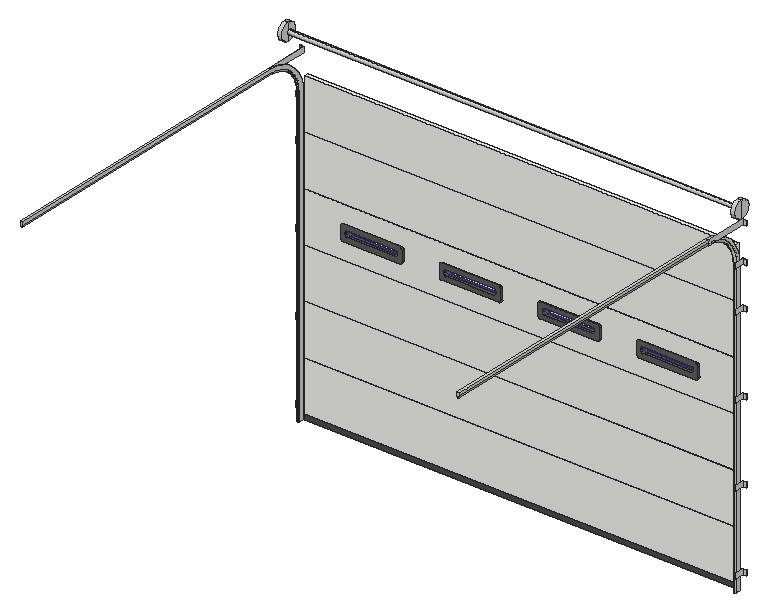
Revit family "Overhead-Sect_HAAS_Res_600", category Doors, host Wall, Revit 2026
Family settings
  Host = Wall
  Classification Number = 23.30.10.17.37.14
  Always vertical = Yes
  Cut with Voids When Loaded = No
  Shared = No
  Room Calculation Point = No
Parameters
  rearspring = no
  Warranty Duration (Years) = 0
  Viewport Frame Finish [instance] = Finish - Trim - HAAS - Black
  Unit Width [instance] = if(Wood Jamb, Opening Width, Opening Width + 0' 2")  # 14' - 0"
  Wood Jamb [instance] = yes
  URL = "http://www.haasdoor.com/about/index.html"
  U Value = 0
  Type Comments = ""
  Track_High Lift_CHECK WITH HAAS FOR VALUE [instance] = 0' - 7"
  Track [instance] = Steel
  Thickness = 0' - 0"  # constant formula
  Test Data = ""
  Steel Jamb [instance] = not(Wood Jamb)  # no
  Standards Conformance = "as Specified"
  Specification = ""
  SpecWizard = ""
  Send Message = ""
  Sales Information = "http://www.haasdoor.com/locator/index.php"
  Rough Width = 0' - 0"  # constant formula
  Rough Height = 0' - 0"  # constant formula
  Roof Incline Default = 0.00°
  Revision = "R1_2015-11"
  Recycled Content [instance] = "as Specified"
  R-Value = 13.45
  Product Properties = ""
  Product Data = "http://www.arcat.com/arcatcos/cos32/arc32915.html"
  Panel Width [instance] = 14' - 0"
  Panel Thickness = 0' - 1 3/8"
  Panel Material_Interior [instance] = Metal - Steel - HAAS - Polar White V-Groove
  Panel Material_Inset Panel [instance] = Metal - Steel - HAAS - Polar White
  Panel Material_Exterior [instance] = Metal - Steel - HAAS - Polar White
  Panel Height [instance] = if(1 = 1, Opening Height, 0' 0")  # 10' - 0"
  Overhead Sectional Style [instance] = Door_Overhead-Sectional-Panel_Haas_No-Inset-Panels : Design B
  Operation = "Overhead Sectional"
  Opening Width [instance] = 14' - 0"
  Opening Height [instance] = 10' - 0"
  Track Type [instance] = Tracks_Standard-Lift : Tracks_Standard-Lift
  Model = ""
  Max Width = 0' - 0"
  Max Height = 0' - 0"
  Manufacturer Website = "http://www.haasdoor.com/about/index.html"
  Manufacturer Phone - Toll Free = ""
  Manufacturer Phone = "419-337-9900"
  Manufacturer Fax = "800-874-4227"
  Manufacturer Address = "320 Sycamore Rd. Wauseon, OH 43567"
  Manufacturer = "Haas Door Co."
  Maintenance Schedule (Months) = 0
  Keynote = "08360"
  Interior Skin = "as Specified"
  Installation-Fabrication = ""
  Installation Phase = ""
  Green Building-LEED = ""
  Viewport Glazing [instance] = Glass
  Function = 1
  Height = 0' - 0"  # constant formula
  Wall Closure = (empty or 0)
  Width = 0' - 0"  # constant formula
  Fire Rating = ""
  Exterior Skin = "as Specified"
  Expected Lifespan (Years) = 0
  End Stile Type = "as Specified"
  Drawn By = "Sumex Design, Inc."
  Description = "Haas Residential Overhead Sectional Door - 600 Series"
  Cost = 0
  Copyright = "©Arcat Inc."  # constant formula
  Construction Type = ""
  Construction Details = ""
  Building Codes = ""
  Bottom Seal Color [instance] = Finish - Weather Seal - HAAS - Black
  Assembly Code = "B2030410"
  AAMA Designation = "as Specified"
  3in Track [instance] = not([2in Track])  # no
  2in Track [instance] = yes
Reference planes (in)
  plane 1 "Center (Front/Back)": y = 0
  plane 2 "Center (Left/Right)": x = 0
  plane 3 "Left": x = -84
  plane 4 "Right": x = 84
  plane 5 "Top": z = 120
  plane 6 "Exterior": y = 3
  plane 7 "Interior": y = -3
  plane 8: z = 2
  plane 9 "Back of Panel": y = -4.375
  plane 10: y = -3.6875
  plane 11 "Track": y = -4.625
Lines and regions (in)
  Opening 1
    outline origin (-90, -3, 0) x (1, 0, 0) y (0, 0, 1)
      loop
        line (6, 0) -> (174, 0) -> (174, 120) -> (6, 120) -> (6, 0)
Text (in)
  text "Exterior" at (-74.96733, 27.31104, 0), in view "Ref. Level"
  text "Interior" at (-74.96733, -25.14366, 0), in view "Ref. Level"
  text "Exterior" at (0, 40.15149, 123.01588), in view "Right"
  text "Interior" at (0, -64.39139, 123.01588), in view "Right"
  text "Interior" at (0, -31.01599, 123.00693), in view "Left"
  text "Exterior" at (0, 54.57065, 123.00693), in view "Left"
Dimensions and locks (in)
  equal spacing: plane 3 "Left", plane 2 "Center (Left/Right)", plane 4 "Right"
  "Opening Height": level to plane 5 "Top"
  "Opening Width": plane 3 "Left" to plane 4 "Right"
  plane 8 to level = 0' - 2"
  plane 3 "Left" to plane 4 "Right" = 14' - 0"
  "Panel Thickness": plane 9 "Back of Panel" to plane 7 "Interior"
  equal spacing: plane 9 "Back of Panel", plane 10, plane 7 "Interior"
  locked: plane 11 "Track" to plane 7 "Interior" at 1.625
  aligned and locked: plane 3 "Left" to Opening 1 sketch curve
  aligned and locked: plane 5 "Top" to Opening 1 sketch curve
  aligned and locked: Opening 1 sketch curve to plane 5 "Top"
  aligned and locked: Opening 1 sketch curve to plane 4 "Right"
  aligned and locked: Opening 1 sketch curve to level
  aligned and locked: plane 6 "Exterior" to host wall
  aligned and locked: plane 7 "Interior" to host wall
  aligned and locked: nested 1 to plane 2 "Center (Left/Right)"
  aligned and locked: level to nested 1
  aligned and locked: nested 1 to plane 11 "Track"
  aligned and locked: nested 2 to plane 2 "Center (Left/Right)"
  aligned and locked: plane 10 to nested 2
Nested families (in)
  nested 1: "Tracks_Standard-Lift" at (0, -5.625, 0), Unit Width <- "Unit Width", Opening Height <- "Opening Height", Track <- "Track", Wood Jamb <- "Wood Jamb", 2in Track <- "2in Track", type <- "Track Type", High Lift Height <- "Track_High Lift_CHECK WITH HAAS FOR VALUE", Door Height <- "Panel Height", Rear Mount Spring <- "rearspring", Roof Incline <- "Roof Incline Default", type "Tracks_Standard-Lift"
    with trackradinsetv 0' - 0", trackradinseth 0' - 0", sideroomint 0' - 1 5/8", roofpitchheight 0' - 0", offsettrackradv 1' - 2.73821", offsettrackradh 1' - 2.99772", offset 0' - 0", highliftcalc 0' - 8", breakoutrun 1, breakoutrise 12, breakawaylength 0' - 0", breakaway angle 1.00°, Wood Jamb yes, Unit Width 14' - 0", Unit Depth 0' - 2", Track Radius 1' - 3", Track Offset from Door Edge 0' - 0 1/2", Track Steel, Steel Jamb no, Standard Spring Location yes, Sideroom_Spring 0' - 3", Sideroom_Jambs 0' - 3", Roof Incline 0.00°, Rear Mount Spring no, Opening Width 14' - 0", Opening Height 10' - 0", High Lift Height 0' - 7", Headroom Clearance 1' - 7", Door Height 10' - 0", Breakaway Start 0' - 8", Back Depth 11' - 6", 3in Track no, 2in Track yes, 1 in 12 Breakout yes, 1 5 in 12 Breakout no
  nested 2: "Door_Overhead-Sectional-Panel_Haas_No-Inset-Panels" at (0, -3.6875, 0) x (-1, 0, 0) z (0, 0, 1), Viewport Finish <- "Viewport Frame Finish", Panel Material_Interior <- "Panel Material_Interior", Panel Material_Inset Panel <- "Panel Material_Inset Panel", Panel Material_Exterior <- "Panel Material_Exterior", Viewport Glazing <- "Viewport Glazing", Bottom Seal Color <- "Bottom Seal Color", Panel Width <- "Panel Width", Panel Thickness <- "Panel Thickness", Panel Height <- "Panel Height", type <- "Overhead Sectional Style", type "Design B"
    with Viewport Glazing Glass, Viewport Finish Finish - Trim - HAAS - Black, Unit Width 14' - 0", Unit Height 1' - 7.66667", Panel Width 14' - 0", Panel Thickness 0' - 1 3/8", Panel Material_Interior Metal - Steel - HAAS - Polar White V-Groove, Panel Material_Inset Panel Metal - Steel - HAAS - Polar White, Panel Material_Exterior Metal - Steel - HAAS - Polar White, Panel Height 10' - 0", Panel 9 Vis no, Panel 9 Control 0' - 0", Panel 8 Vis no, Panel 8 Control 0' - 0", Panel 7 Vis no, Panel 7 Control 0' - 0", Panel 6 Vis yes, Panel 6 Control 1' - 7.66667", Panel 5 Vis yes, Panel 5 Control 1' - 7.66667", Panel 4 Vis yes, Panel 4 Control 1' - 7.66667", Panel 3 Vis yes, Panel 3 Control 1' - 7.66667", Panel 2 Vis yes, Panel 2 Control 1' - 7.66667", Panel 10 Vis no, Panel 10 Control 0' - 0", Panel 1 Vis yes, Bottom Seal Color Finish - Weather Seal - HAAS - Black
Definition of nested family "Tracks_Standard-Lift"
  Parameters
    trackradinsetv [instance] = Track Radius - (Track Radius * cos(Roof Incline))  # 0' - 0"
    trackradinseth [instance] = Track Radius * sin(Roof Incline)  # 0' - 0"
    sideroomint [instance] = if(Steel Jamb, 0' 3", 0' 1 5/8")  # 0' - 1 5/8"
    roofpitchheight [instance] = (Back Depth) * tan(Roof Incline)  # 0' - 0"
    offsettrackradv [instance] = Track Radius - (Track Radius * sin(breakaway angle))  # 1' - 2.73821"
    offsettrackradh [instance] = Track Radius * cos(breakaway angle)  # 1' - 2.99772"
    offset [instance] = 0' - 0"  # constant formula
    breakoutrun [instance] = if([1 in 12 Breakout], 1, 1.5)  # 1
    breakoutrise [instance] = 12  # constant formula
    breakawaylength [instance] = (Breakaway Start + High Lift Height - Track Radius) / tan(90.00° - breakaway angle)  # 0' - 0.26183"
    breakaway angle [instance] = 1.00°  # constant formula
    Wood Jamb [instance] = yes
    Unit Width [instance] = 8' - 0"
    Unit Depth [instance] = if([2in Track], 0' 2", if([3in Track], 0' 3", 0' 2"))  # 0' - 3"
    URL = ""
    Track Radius [instance] = 1' - 3"
    Track [instance] = none
    Steel Jamb [instance] = not(Wood Jamb)  # no
    Standard Spring Location [instance] = yes
    Specification = ""
    SpecWizard = ""
    Track Offset from Door Edge [instance] = 0' - 0 1/2"
    Sideroom_Spring [instance] = 0' - 3"  # constant formula
    Sideroom_Jambs [instance] = 0' - 3"  # constant formula
    Sales Information = ""
    Roof Incline [instance] = 0.00°
    Revision = ""
    Rear Mount Spring [instance] = yes
    Product Properties = ""
    Product Data = ""
    Opening Width [instance] = if(Wood Jamb, Unit Width, Unit Width - 0' 1")  # 8' - 0"
    Opening Height [instance] = 8' - 0"
    Model = "As Specified"
    Manufacturer = ""
    Keynote = ""
    Installation-Fabrication = ""
    highliftcalc [instance] = if(Headroom Clearance < 5' 4 3/256", Headroom Clearance - 0' 11", if(and(Headroom Clearance > 5' 4", Headroom Clearance < 11' 1 3/256"), Headroom Clearance - 1' 1", if(and(Headroom Clearance > 11' 1", Headroom Clearance < 15' 0 3/256"), Headroom Clearance - 1' 5", 1' 0")))  # 1' - 11"
    High Lift Height [instance] = 1' - 10"
    Headroom Clearance [instance] = High Lift Height + 1' 0"  # 2' - 10"
    Green Building-LEED = ""
    Drawn By = "Sumex Design, Inc. / Robert S. Weygant, CSI, CDT, SCIP"
    Door Height [instance] = 8' - 0"
    Description = ""
    Default Elevation = 0' - 0"  # constant formula
    Copyright = "©Arcat Inc."
    Construction Details = ""
    Breakaway Start [instance] = if([1 in 12 Breakout], 0' 8", if([1 5 in 12 Breakout], 1' 2", 1' 0"))  # 0' - 8"
    Back Depth [instance] = Door Height + 1' 6"  # 9' - 6"
    Assembly Code = ""
    3in Track [instance] = not([2in Track])  # yes
    2in Track [instance] = no
    1 in 12 Breakout [instance] = yes
    1 5 in 12 Breakout [instance] = not([1 in 12 Breakout])  # no
  Reference planes (in)
    plane 1 "Center (Front/Back)": y = 0
    plane 2 "Bottom": z = 0
    plane 3 "Center (Left/Right)": x = 0
    plane 4 "Front": y = -1.5
    plane 5 "Back": y = 1.5
    plane 6 "Left": x = -48
    plane 7 "Right": x = 48
    plane 8 "Top": z = 121
    plane 9: z = 96
    plane 10: x = -48
    plane 11: x = 48
    plane 12: z = 130
    plane 13: y = -110.875
    plane 14: y = -13.49772
    plane 15: z = 106.26179
    plane 16 "Origin": y = 3.125
    plane 17: z = 74
    plane 18: z = 51.33333
    plane 19: z = 28.66667
    plane 20: z = 6
    plane 21: z = 97.13089
    plane 22: x = 51
    plane 23: x = -51
    plane 24 "Drum CL": y = -1.875
    plane 25: z = 106
    plane 26: z = 118
    plane 27: y = -13.49772
    plane 28: z = 121
    plane 29: x = -49.625
    plane 30: x = 49.625
  Forms (in)
    Extrusion 1, solid, material <- "Track", visible <- "Wood Jamb"
      sketch origin (0, 0, 0) x (1, 0, 0) y (0, 1, 0)
        loop
          line (-49.5, -13.49772) -> (-49.5, 3.125) -> (-51, 3.125) -> (-51, 3) -> (-49.625, 3) -> (-49.625, -13.49772) -> (-49.5, -13.49772)
        loop
          line (49.5, -13.49772) -> (49.625, -13.49772) -> (49.625, 3) -> (51, 3) -> (51, 3.125) -> (49.5, 3.125) -> (49.5, -13.49772)
      from 0 to 121
    Extrusion 2, void
      sketch origin (0, 0, 0) x (0, 1, 0) y (0, 0, 1)
        loop
          line (-1.5, 5) -> (-1.5, 7) -> (3.125, 7) -> (3.125, 27.66667) -> (-1.5, 27.66667) -> (-1.5, 29.66667) -> (3.125, 29.66667) -> (3.125, 50.33333) -> (-1.5, 50.33333) -> (-1.5, 52.33333) -> (3.125, 52.33333) -> (3.125, 73) -> (-1.5, 73) -> (-1.5, 75) -> (3.125, 75) -> (3.125, 105.26179) -> (-1.5, 105.26179) -> (-1.5, 107.26179) -> (3.125, 107.26179) -> (3.125, 119) -> (-13.49772, 119) -> (-13.49772, 0) -> (3.125, 0) -> (3.125, 5) -> (-1.5, 5)
      from -51 to 51
    Extrusion 3, solid, material <- "Track", visible <- "Steel Jamb"
      sketch origin (0, 0, 0) x (1, 0, 0) y (0, 1, 0)
        loop
          line (-51, 3.125) -> (-51, -13.49772) -> (-50.875, -13.49772) -> (-50.875, 3) -> (-48.375, 3) -> (-48.375, 3.125) -> (-51, 3.125)
        loop
          line (51, 3.125) -> (48.375, 3.125) -> (48.375, 3) -> (50.875, 3) -> (50.875, -13.49772) -> (51, -13.49772) -> (51, 3.125)
      from 0 to 121
    Revolve 4, solid, material <- "Track"
      sketch origin (0, -1.875, 0) x (0, 0, -1) y (1, 0, 0)
        loop
          line (-130, -53) -> (-126.75, -53) -> (-126.75, 53) -> (-130, 53) -> (-130, 51.5) -> (-127.5, 51.5) -> (-127.5, -51.5) -> (-130, -51.5) -> (-130, -53)
        axis (-126.75, 53) -> (-126.75, -53)
      angle from 0 to 360
    Sweep 5, solid, material <- "Track"
      path origin (0, 0, 0) x (0, 1, 0) y (0, 0, 1)
        loop
          line (1.5, 0) -> (1.5, 106.26179)
          arc (1.5, 106.26179) -> (-2.98408, 116.69876) -> (-13.49772, 121) r 15
          line (-13.49772, 121) -> (-110.875, 121)
      profile origin (0, -62.18636, 121) x (0, 0, -1) y (1, 0, 0)
        loop
          line (2.62111, -48.5) -> (0, -48.5) -> (0, -49.5) -> (2.25, -49.5)
          arc (2.25, -49.5) -> (2.68414, -49.38263) -> (3, -49.0625) r 0.86161
          line (3, -49.0625) -> (3, -48.71875) -> (2.62111, -48.5)
    Sweep 6, solid, material <- "Track"
      path origin (0, 0, 0) x (0, 1, 0) y (0, 0, 1)
        loop
          line (1.5, 0) -> (1.5, 106.26179)
          arc (1.5, 106.26179) -> (-2.98408, 116.69876) -> (-13.49772, 121) r 15
          line (-13.49772, 121) -> (-110.875, 121)
      profile origin (0, -62.18636, 121) x (0, 0, -1) y (1, 0, 0)
        loop
          line (0, 49.5) -> (0, 48.5) -> (2.62111, 48.5) -> (3, 48.71875) -> (3, 49.0625)
          arc (3, 49.0625) -> (2.68414, 49.38263) -> (2.25, 49.5) r 0.86161
          line (2.25, 49.5) -> (0, 49.5)
  Cuts and joins
    Extrusion 2 cuts Extrusion 1
    Extrusion 2 cuts Extrusion 3
  Lines and regions (in)
    reference lines
      curve 1: arc (0, 0.25, 112.00003) -> (0, -5.28189, 118.54991) -> (0, -13.49772, 121) r 15
      curve 2: line (0, -13.49772, 121) -> (0, -110.875, 121)
  Text (in)
    text "OPENING" at (0, 24.81124, 52.10269), in view "Right"
    text "STANDARD LIFT" at (0, 24.81124, 118.55424), in view "Right"
  Dimensions and locks (in)
    equal spacing: plane 6 "Left", plane 3 "Center (Left/Right)", plane 7 "Right"
    "Unit Width": plane 6 "Left" to plane 7 "Right"
    equal spacing: plane 5 "Back", plane 1 "Center (Front/Back)", plane 4 "Front"
    "Unit Depth": plane 5 "Back" to plane 4 "Front"
    equal spacing: plane 10, plane 3 "Center (Left/Right)", plane 11
    "Opening Width": plane 10 to plane 11
    "Headroom Clearance": plane 12 to plane 9
    "Back Depth": plane 13 to plane 16 "Origin"
    "offsettrackradv": plane 8 "Top" to plane 15
    locked: plane 16 "Origin" to plane 5 "Back" at 1.625
    "Sideroom_Jambs": Extrusion 1 sketch curve to plane 10
    "Sideroom_Jambs": plane 11 to Extrusion 1 sketch curve
    locked: plane 20 to level at 6
    equal spacing: plane 17, plane 18, plane 19, plane 20
    Extrusion 2 sketch curve to plane 20 to Extrusion 2 sketch curve = 0' - 1" locked, 0' - 1" locked
    Extrusion 2 sketch curve to plane 19 to Extrusion 2 sketch curve = 0' - 1" locked, 0' - 1" locked
    Extrusion 2 sketch curve to plane 18 to Extrusion 2 sketch curve = 0' - 1" locked, 0' - 1" locked
    Extrusion 2 sketch curve to plane 17 to Extrusion 2 sketch curve = 0' - 1" locked, 0' - 1" locked
    Extrusion 2 sketch curve to plane 15 to Extrusion 2 sketch curve = 0' - 1" locked, 0' - 1" locked
    "Sideroom_Spring": plane 23 to plane 10
    "Sideroom_Spring": plane 11 to plane 22
    locked: Extrusion 3 sketch curve to plane 10 at 0.375
    locked: plane 11 to Extrusion 3 sketch curve at 0.375
    locked: plane 24 "Drum CL" to plane 16 "Origin" at 5
    locked: Revolve 4 sketch curve to plane 10 at 5
    locked: plane 11 to Revolve 4 sketch curve at 5
    locked: Revolve 4 sketch curve to Revolve 4 sketch curve at 1.5  (x2)
    locked: Revolve 4 sketch curve to Revolve 4 sketch curve at 0.75
    locked: Revolve 4 sketch curve to Revolve 4 sketch curve at 3.25  (x2)
    locked: Extrusion 1 sketch curve to Extrusion 1 sketch curve at 0.125
    "Opening Height": plane 9 to level
    "Track Radius": plane 8 "Top" to plane 25
    "High Lift Height": plane 26 to plane 9
    "Unit Depth": plane 8 "Top" to plane 26
    "offsettrackradh": plane 14 to plane 5 "Back"
    "trackradinseth": plane 14 to plane 27
    "trackradinsetv": plane 8 "Top" to plane 28
    "Unit Depth": Sweep 5 sketch curve to Sweep 5 sketch curve
    locked: plane 8 "Top" to Extrusion 2 sketch curve at 2
    "Unit Depth": Sweep 6 sketch curve to Sweep 6 sketch curve
    Extrusion 1 sketch curve to Extrusion 1 sketch curve to plane 10 = 0' - 0 1/8" locked, 0' - 1 1/2" locked
    equal spacing: Sweep 5 sketch curve, Sweep 5 sketch curve, Sweep 5 sketch curve, Sweep 5 sketch curve, plane 10
    equal spacing: plane 11, Sweep 6 sketch curve, Sweep 6 sketch curve, Sweep 6 sketch curve, Sweep 6 sketch curve
    "sideroomint": plane 29 to plane 10
    plane 29 to Sweep 5 sketch curve to Sweep 5 sketch curve to Sweep 5 sketch curve to Sweep 5 sketch curve = 0' - 0 1/8" locked, 0' - 0 7/16" locked, 0' - 0 11/32" locked, 0' - 0 7/32" locked
    "Sideroom_Jambs": Extrusion 3 sketch curve to plane 10
    locked: Extrusion 3 sketch curve to Extrusion 3 sketch curve at 0.125  (x2)
    "Sideroom_Jambs": plane 11 to Extrusion 3 sketch curve
    locked: plane 11 to Extrusion 1 sketch curve at 1.5
    "sideroomint": plane 11 to plane 30
    Sweep 6 sketch curve to Sweep 6 sketch curve to Sweep 6 sketch curve to Sweep 6 sketch curve to plane 30 = 0' - 0 7/32" locked, 0' - 0 11/32" locked, 0' - 0 7/16" locked, 0' - 0 1/8" locked
    locked: Revolve 4 sketch curve to plane 26 at 8.75
    locked: plane 9 to plane 17 at 22
    "Track Radius": radius of curve 1
    "Track Radius": radius of Sweep 6 sketch curve
    "Roof Incline": angle curve 2 to plane 28
    "Roof Incline": angle Sweep 5 sketch curve to plane 28
    "Roof Incline": angle Sweep 6 sketch curve to plane 28
    aligned and locked: plane 14 to Extrusion 1 sketch curve
    aligned and locked: Extrusion 1 sketch curve to plane 14
    aligned and locked: Extrusion 2 sketch curve to plane 14
    aligned and locked: Extrusion 2 sketch curve to plane 16 "Origin"
    aligned and locked: plane 4 "Front" to Extrusion 2 sketch curve  (x4)
    aligned and locked: Extrusion 2 sketch curve to plane 4 "Front"
    aligned and locked: plane 23 to Extrusion 2
    aligned and locked: Extrusion 2 to plane 22
    aligned and locked: Extrusion 3 sketch curve to plane 14
    aligned and locked: plane 14 to Extrusion 3 sketch curve
    aligned and locked: Revolve 4 sketch curve to Revolve 4 sketch curve
    aligned and locked: plane 27 to curve 1
    aligned and locked: plane 25 to curve 1
    aligned and locked: plane 14 to curve 1
    aligned and locked: plane 13 to curve 2
    aligned and locked: Sweep 5 sketch curve to curve 1
    aligned and locked: plane 13 to Sweep 5 sketch curve
    aligned and locked: plane 27 to Sweep 5 sketch curve
    aligned and locked: plane 8 "Top" to Extrusion 3
    aligned and locked: plane 8 "Top" to Extrusion 1
    aligned and locked: plane 13 to Sweep 6 sketch curve
    aligned and locked: plane 15 to Sweep 5 sketch curve
    aligned and locked: plane 27 to Sweep 6 sketch curve
    aligned and locked: plane 28 to Sweep 6 sketch curve
    aligned and locked: plane 15 to Sweep 6 sketch curve
    aligned and locked: plane 5 "Back" to Sweep 6 sketch curve
  Automatic sketch dimensions
    Extrusion 1 sketch curve to plane 16 "Origin" = 0' - 0"  (x2)
    Extrusion 1 sketch curve to plane 16 "Origin" = 0' - 0 1/8"  (x2)
    Extrusion 3 sketch curve to plane 16 "Origin" = 0' - 0"  (x2)
    Extrusion 3 sketch curve to plane 16 "Origin" = 0' - 0 1/8"  (x2)
    Revolve 4 sketch curve to Revolve 4 sketch curve = 0' - 0"
    Revolve 4 sketch curve to Revolve 4 sketch curve = 0' - 3"
    Sweep 5 sketch curve to level = 0' - 0"
    Sweep 5 sketch curve to profile plane = 0' - 0"
    Sweep 5 sketch curve to Sweep 5 sketch curve = 0' - 0.37111"
    Sweep 5 sketch curve to Sweep 5 sketch curve = 0' - 0.13839"
    Sweep 6 sketch curve to profile plane = 0' - 0"
    Sweep 6 sketch curve to Sweep 6 sketch curve = 0' - 0.37111"
    Sweep 6 sketch curve to Sweep 6 sketch curve = 0' - 0.13839"
    curve 1 to plane 1 "Center (Front/Back)" = 0' - 0 1/4"
    Sweep 6 sketch curve to level = 0' - 0"
    Extrusion 2 sketch curve to plane 16 "Origin" = 0' - 0"  (x5)
    Extrusion 2 sketch curve to level = 0' - 0"
Definition of nested family "Door_Overhead-Sectional-Panel_Haas_No-Inset-Panels"
  Parameters
    Width = 10' - 0"
    Viewport Finish [instance] = none
    Unit Width [instance] = Panel Width  # 10' - 0"
    Unit Height [instance] = if(Number Panels > 3, ((Panel Height - 0' 2") / Number Panels), ((Panel Height - 0' 2") / 4))  # 1' - 7.66667"
    Thickness = 0' - 3"
    Section Type_Row 10 = HAAS_Section_Flush : Standard
    Section Type_Row 9 = HAAS_Section_Flush : Standard
    Section Type_Row 8 = HAAS_Section_Flush : Standard
    Section Type_Row 7 = HAAS_Section_Flush : Standard
    Section Type_Row 6 = HAAS_Section_Flush : Standard
    Section Type_Row 5 = HAAS_Section_Flush : Standard
    Section Type_Row 4 = HAAS_Section_Flush : Standard
    Section Type_Row 3 = HAAS_Section_Flush : Standard
    Section Type_Row 2 = HAAS_Section_Flush : Standard
    Section Type_Row 1 = HAAS_Section_Flush : Standard
    Panel Width [instance] = 10' - 0"
    Panel Thickness [instance] = 0' - 3"
    Panel Material_Interior [instance] = none
    Panel Material_Inset Panel [instance] = none
    Panel Material_Exterior [instance] = none
    Panel Height [instance] = 10' - 0"
    Panel 9 Vis [instance] = Number Panels > 8  # no
    Panel 9 Control [instance] = if(Panel 9 Vis, Unit Height, 0' 0")  # 0' - 0"
    Panel 8 Vis [instance] = Number Panels > 7  # no
    Panel 8 Control [instance] = if(Panel 8 Vis, Unit Height, 0' 0")  # 0' - 0"
    Panel 7 Vis [instance] = Number Panels > 6  # no
    Panel 7 Control [instance] = if(Panel 7 Vis, Unit Height, 0' 0")  # 0' - 0"
    Panel 6 Vis [instance] = Number Panels > 5  # yes
    Panel 6 Control [instance] = if(Panel 6 Vis, Unit Height, 0' 0")  # 1' - 7.66667"
    Panel 5 Vis [instance] = Number Panels > 4  # yes
    Panel 5 Control [instance] = if(Panel 5 Vis, Unit Height, 0' 0")  # 1' - 7.66667"
    Panel 4 Vis [instance] = Number Panels > 3  # yes
    Panel 4 Control [instance] = if(Panel 4 Vis, Unit Height, 0' 0")  # 1' - 7.66667"
    Panel 3 Vis [instance] = Number Panels > 2  # yes
    Panel 3 Control [instance] = if(Panel 3 Vis, Unit Height, 0' 0")  # 1' - 7.66667"
    Panel 2 Vis [instance] = Number Panels > 1  # yes
    Panel 2 Control [instance] = if(Panel 2 Vis, Unit Height, 0' 0")  # 1' - 7.66667"
    Panel 10 Vis [instance] = Number Panels > 9  # no
    Panel 10 Control [instance] = if(Panel 10 Vis, Unit Height, 0' 0")  # 0' - 0"
    Panel 1 Vis [instance] = Number Panels > 0  # yes
    Number Panels = 6
    Viewport Glazing [instance] = none
    Height = 8' - 0"
    End Stile Width_CONTACT HAAS FOR VALUE = 0' - 0"
    Default Elevation = 4' - 0"
    Bottom Seal Color [instance] = none
  Reference planes (in)
    plane 1 "Center (Front/Back)": y = 0
    plane 2: z = 0
    plane 3 "Center (Left/Right)": x = 0
    plane 4 "Left": x = -60
    plane 5 "Right": x = 60
    plane 6 "Back": y = 1.5
    plane 7 "Front": y = -1.5
    plane 8 "1T": z = 21.66667
    plane 9 "1B": z = 2
    plane 10: z = 41.33333
    plane 11 "2B": z = 21.66667
    plane 12: z = 61
    plane 13 "3B": z = 41.33333
    plane 14: z = 80.66667
    plane 15 "4B": z = 61
    plane 16: z = 100.33333
    plane 17 "5B": z = 80.66667
    plane 18: z = 120
    plane 19 "6B": z = 100.33333
    plane 20: z = 120
    plane 21 "7B": z = 100.33333
    plane 22: z = 120
    plane 23 "8B": z = 100.33333
    plane 24: z = 120
    plane 25 "9B": z = 100.33333
    plane 26: z = 120
    plane 27 "10B": z = 100.33333
  Forms (in)
    Extrusion 1, solid, material <- "Bottom Seal Color"
      sketch origin (0, 0, 0) x (0, 1, 0) y (0, 0, 1)
        loop
          line (-1.375, 2) -> (-1.375, 0) -> (1.375, 0) -> (1.375, 2) -> (-1.375, 2)
      from -60 to 60
  Dimensions and locks (in)
    equal spacing: plane 4 "Left", plane 3 "Center (Left/Right)", plane 5 "Right"
    "Panel Width": plane 4 "Left" to plane 5 "Right"
    equal spacing: plane 6 "Back", plane 1 "Center (Front/Back)", plane 7 "Front"
    "Panel Thickness": plane 6 "Back" to plane 7 "Front"
    "Unit Height": plane 8 "1T" to plane 9 "1B"
    "Unit Height": plane 10 to plane 11 "2B"
    "Unit Height": plane 12 to plane 13 "3B"
    "Unit Height": plane 14 to plane 15 "4B"
    "Unit Height": plane 16 to plane 17 "5B"
    "Unit Height": plane 18 to plane 19 "6B"
    "Unit Height": plane 20 to plane 21 "7B"
    "Unit Height": plane 22 to plane 23 "8B"
    "Unit Height": plane 24 to plane 25 "9B"
    "Unit Height": plane 26 to plane 27 "10B"
    locked: plane 9 "1B" to level at 2
    "Panel 2 Control": plane 11 "2B" to plane 9 "1B"
    "Panel 3 Control": plane 13 "3B" to plane 11 "2B"
    "Panel 4 Control": plane 15 "4B" to plane 13 "3B"
    "Panel 5 Control": plane 17 "5B" to plane 15 "4B"
    "Panel 6 Control": plane 19 "6B" to plane 17 "5B"
    "Panel 7 Control": plane 21 "7B" to plane 19 "6B"
    "Panel 8 Control": plane 23 "8B" to plane 21 "7B"
    "Panel 9 Control": plane 25 "9B" to plane 23 "8B"
    "Panel 10 Control": plane 27 "10B" to plane 25 "9B"
    locked: Extrusion 1 sketch curve to plane 6 "Back" at 0.125
    locked: plane 7 "Front" to Extrusion 1 sketch curve at 0.125
    aligned and locked: plane 2 to level
    aligned and locked: plane 3 "Center (Left/Right)" to nested 1
    aligned and locked: plane 3 "Center (Left/Right)" to nested 2
    aligned and locked: plane 3 "Center (Left/Right)" to nested 3
    aligned and locked: plane 3 "Center (Left/Right)" to nested 4
    aligned and locked: plane 3 "Center (Left/Right)" to nested 5
    aligned and locked: plane 3 "Center (Left/Right)" to nested 6
    aligned and locked: plane 3 "Center (Left/Right)" to nested 7
    aligned and locked: plane 3 "Center (Left/Right)" to nested 8
    aligned and locked: plane 3 "Center (Left/Right)" to nested 9
    aligned and locked: plane 3 "Center (Left/Right)" to nested 10
    aligned and locked: plane 1 "Center (Front/Back)" to nested 1
    aligned and locked: plane 1 "Center (Front/Back)" to nested 2
    aligned and locked: plane 1 "Center (Front/Back)" to nested 3
    aligned and locked: plane 1 "Center (Front/Back)" to nested 4
    aligned and locked: nested 5 to plane 1 "Center (Front/Back)"
    aligned and locked: nested 6 to plane 1 "Center (Front/Back)"
    aligned and locked: nested 7 to plane 1 "Center (Front/Back)"
    aligned and locked: nested 8 to plane 1 "Center (Front/Back)"
    aligned and locked: nested 9 to plane 1 "Center (Front/Back)"
    aligned and locked: nested 10 to plane 1 "Center (Front/Back)"
    aligned and locked: plane 5 "Right" to Extrusion 1
    aligned and locked: Extrusion 1 to plane 4 "Left"
  Automatic sketch dimensions
    Extrusion 1 sketch curve to level = 0' - 0"
    Extrusion 1 sketch curve to plane 9 "1B" = 0' - 0"
  Nested families (in)
    nested 1: "HAAS_Section_Flush" at (0, 0, 2), type <- "Section Type_Row 1", visible <- "Panel 1 Vis", Unit Width <- "Unit Width", Unit Height <- "Unit Height", Viewport Glazing <- "Viewport Glazing", Viewport Finish <- "Viewport Finish", Panel Material_Interior <- "Panel Material_Interior", Panel Material_Inset Panel <- "Panel Material_Inset Panel", Panel Material_Exterior <- "Panel Material_Exterior", Unit Depth <- "Panel Thickness", type "Standard"
      with Viewport Glazing none, Viewport Finish none, Unit Width 10' - 0", Unit Height 1' - 7.66667", Unit Depth 0' - 3", Panel Material_Interior none, Panel Material_Inset Panel none, Panel Material_Exterior none
    nested 2: "HAAS_Section_Flush" at (0, 0, 21.66667), type <- "Section Type_Row 2", visible <- "Panel 2 Vis", Unit Width <- "Unit Width", Unit Height <- "Unit Height", Viewport Glazing <- "Viewport Glazing", Viewport Finish <- "Viewport Finish", Panel Material_Interior <- "Panel Material_Interior", Panel Material_Inset Panel <- "Panel Material_Inset Panel", Panel Material_Exterior <- "Panel Material_Exterior", Unit Depth <- "Panel Thickness", type "Standard"
      with Viewport Glazing none, Viewport Finish none, Unit Width 10' - 0", Unit Height 1' - 7.66667", Unit Depth 0' - 3", Panel Material_Interior none, Panel Material_Inset Panel none, Panel Material_Exterior none
    nested 3: "HAAS_Section_Flush" at (0, 0, 41.33333), type <- "Section Type_Row 3", visible <- "Panel 3 Vis", Unit Width <- "Unit Width", Unit Height <- "Unit Height", Viewport Glazing <- "Viewport Glazing", Viewport Finish <- "Viewport Finish", Panel Material_Interior <- "Panel Material_Interior", Panel Material_Inset Panel <- "Panel Material_Inset Panel", Panel Material_Exterior <- "Panel Material_Exterior", Unit Depth <- "Panel Thickness", type "Standard"
      with Viewport Glazing none, Viewport Finish none, Unit Width 10' - 0", Unit Height 1' - 7.66667", Unit Depth 0' - 3", Panel Material_Interior none, Panel Material_Inset Panel none, Panel Material_Exterior none
    nested 4: "HAAS_Section_Flush" at (0, 0, 61), visible <- "Panel 4 Vis", Unit Width <- "Unit Width", Unit Height <- "Unit Height", Viewport Glazing <- "Viewport Glazing", Viewport Finish <- "Viewport Finish", Panel Material_Interior <- "Panel Material_Interior", Panel Material_Inset Panel <- "Panel Material_Inset Panel", Panel Material_Exterior <- "Panel Material_Exterior", type <- "Section Type_Row 4", Unit Depth <- "Panel Thickness", type "Standard"
      with Viewport Glazing none, Viewport Finish none, Unit Width 10' - 0", Unit Height 1' - 7.66667", Unit Depth 0' - 3", Panel Material_Interior none, Panel Material_Inset Panel none, Panel Material_Exterior none
    nested 5: "HAAS_Section_Flush" at (0, 0, 80.66667), type <- "Section Type_Row 5", visible <- "Panel 5 Vis", Unit Width <- "Unit Width", Unit Height <- "Unit Height", Viewport Glazing <- "Viewport Glazing", Viewport Finish <- "Viewport Finish", Panel Material_Interior <- "Panel Material_Interior", Panel Material_Inset Panel <- "Panel Material_Inset Panel", Panel Material_Exterior <- "Panel Material_Exterior", Unit Depth <- "Panel Thickness", type "Standard"
      with Viewport Glazing none, Viewport Finish none, Unit Width 10' - 0", Unit Height 1' - 7.66667", Unit Depth 0' - 3", Panel Material_Interior none, Panel Material_Inset Panel none, Panel Material_Exterior none
    nested 6: "HAAS_Section_Flush" at (0, 0, 100.33333), type <- "Section Type_Row 6", visible <- "Panel 6 Vis", Unit Width <- "Unit Width", Unit Height <- "Unit Height", Viewport Glazing <- "Viewport Glazing", Viewport Finish <- "Viewport Finish", Panel Material_Interior <- "Panel Material_Interior", Panel Material_Inset Panel <- "Panel Material_Inset Panel", Panel Material_Exterior <- "Panel Material_Exterior", Unit Depth <- "Panel Thickness", type "Standard"
      with Viewport Glazing none, Viewport Finish none, Unit Width 10' - 0", Unit Height 1' - 7.66667", Unit Depth 0' - 3", Panel Material_Interior none, Panel Material_Inset Panel none, Panel Material_Exterior none
    nested 7: "HAAS_Section_Flush" at (0, 0, 100.33333), type <- "Section Type_Row 7", visible <- "Panel 7 Vis", Unit Width <- "Unit Width", Unit Height <- "Unit Height", Viewport Glazing <- "Viewport Glazing", Viewport Finish <- "Viewport Finish", Panel Material_Interior <- "Panel Material_Interior", Panel Material_Inset Panel <- "Panel Material_Inset Panel", Panel Material_Exterior <- "Panel Material_Exterior", Unit Depth <- "Panel Thickness", type "Standard"
      with Viewport Glazing none, Viewport Finish none, Unit Width 10' - 0", Unit Height 1' - 7.66667", Unit Depth 0' - 3", Panel Material_Interior none, Panel Material_Inset Panel none, Panel Material_Exterior none
    nested 8: "HAAS_Section_Flush" at (0, 0, 100.33333), type <- "Section Type_Row 8", visible <- "Panel 8 Vis", Unit Width <- "Unit Width", Unit Height <- "Unit Height", Viewport Glazing <- "Viewport Glazing", Viewport Finish <- "Viewport Finish", Panel Material_Interior <- "Panel Material_Interior", Panel Material_Inset Panel <- "Panel Material_Inset Panel", Panel Material_Exterior <- "Panel Material_Exterior", Unit Depth <- "Panel Thickness", type "Standard"
      with Viewport Glazing none, Viewport Finish none, Unit Width 10' - 0", Unit Height 1' - 7.66667", Unit Depth 0' - 3", Panel Material_Interior none, Panel Material_Inset Panel none, Panel Material_Exterior none
    nested 9: "HAAS_Section_Flush" at (0, 0, 100.33333), type <- "Section Type_Row 9", visible <- "Panel 9 Vis", Unit Width <- "Unit Width", Unit Height <- "Unit Height", Viewport Glazing <- "Viewport Glazing", Viewport Finish <- "Viewport Finish", Panel Material_Interior <- "Panel Material_Interior", Panel Material_Inset Panel <- "Panel Material_Inset Panel", Panel Material_Exterior <- "Panel Material_Exterior", Unit Depth <- "Panel Thickness", type "Standard"
      with Viewport Glazing none, Viewport Finish none, Unit Width 10' - 0", Unit Height 1' - 7.66667", Unit Depth 0' - 3", Panel Material_Interior none, Panel Material_Inset Panel none, Panel Material_Exterior none
    nested 10: "HAAS_Section_Flush" at (0, 0, 100.33333), type <- "Section Type_Row 10", visible <- "Panel 10 Vis", Unit Width <- "Unit Width", Unit Height <- "Unit Height", Viewport Glazing <- "Viewport Glazing", Viewport Finish <- "Viewport Finish", Panel Material_Interior <- "Panel Material_Interior", Panel Material_Inset Panel <- "Panel Material_Inset Panel", Panel Material_Exterior <- "Panel Material_Exterior", Unit Depth <- "Panel Thickness", type "Standard"
      with Viewport Glazing none, Viewport Finish none, Unit Width 10' - 0", Unit Height 1' - 7.66667", Unit Depth 0' - 3", Panel Material_Interior none, Panel Material_Inset Panel none, Panel Material_Exterior none
  Definition of nested family "HAAS_Section_Flush"
    Parameters
      Viewport Glazing [instance] = none
      Viewport Finish [instance] = none
      Unit Width [instance] = 10' - 0"
      Unit Height [instance] = 1' - 3.66667"
      Unit Depth [instance] = 0' - 3"
      Panel Material_Interior [instance] = none
      Panel Material_Inset Panel [instance] = none
      Panel Material_Exterior [instance] = none
      Default Elevation = 4' - 0"
    Reference planes (in)
      plane 1 "Center (Front/Back)": y = 0
      plane 2: z = 0
      plane 3 "Center (Left/Right)": x = 0
      plane 4 "Left": x = -60
      plane 5 "Right": x = 60
      plane 6 "Center (Elevation)": z = 7.83333
      plane 7: z = 15.66667
      plane 8 "Back": y = 1.5
      plane 9 "Front": y = -1.5
    Forms (in)
      Extrusion 1, solid, material <- "Panel Material_Exterior"
        sketch origin (0, 0, 0) x (1, 0, 0) y (0, 0, 1)
          loop
            line (-60, 15.66667) -> (-60, 0) -> (60, 0) -> (60, 15.66667) -> (-60, 15.66667)
        from -1.5 to 1.5
    Dimensions and locks (in)
      equal spacing: plane 4 "Left", plane 3 "Center (Left/Right)", plane 5 "Right"
      "Unit Width": plane 4 "Left" to plane 5 "Right"
      equal spacing: plane 7, plane 6 "Center (Elevation)", level
      "Unit Height": plane 7 to level
      equal spacing: plane 8 "Back", plane 1 "Center (Front/Back)", plane 9 "Front"
      "Unit Depth": plane 8 "Back" to plane 9 "Front"
      aligned and locked: plane 2 to level
      aligned and locked: plane 7 to Extrusion 1
      aligned and locked: plane 5 "Right" to Extrusion 1
      aligned and locked: Extrusion 1 to level
      aligned and locked: Extrusion 1 to plane 4 "Left"
      aligned and locked: plane 8 "Back" to Extrusion 1
      aligned and locked: Extrusion 1 to plane 9 "Front"
    Automatic sketch dimensions
      level to Extrusion 1 sketch curve = 0' - 0"
      plane 4 "Left" to Extrusion 1 sketch curve = 0' - 0"
      Extrusion 1 sketch curve to plane 5 "Right" = 0' - 0"
      Extrusion 1 sketch curve to plane 7 = 0' - 0"
